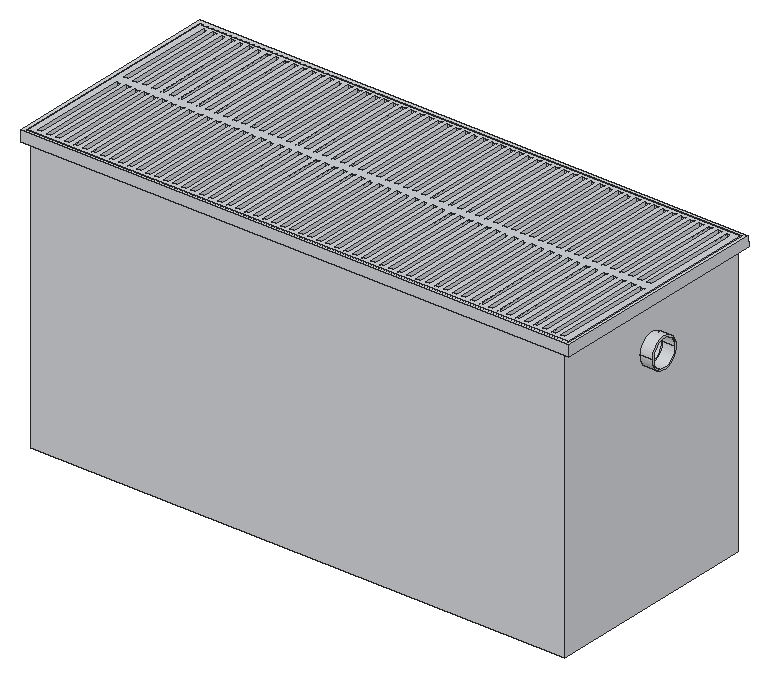
Revit family "Interceptor_Sand-Zurn-Z1187-SI", category Plumbing Fixtures, Revit 2022 (continued)
Definition of nested family "Grate Size_500"
  Forms (in)
    Extrusion 87, void
      sketch origin (-42, 0, 0) x (1, 0, 0) y (0, 1, 0)
        loop
          line (-0.5, 1) -> (0.5, 1) -> (0.5, 23) -> (-0.5, 23) -> (-0.5, 1)
      from 0 to 1.75
    Extrusion 88, void
      sketch origin (-44, 0, 0) x (1, 0, 0) y (0, 1, 0)
        loop
          line (-0.5, 1) -> (0.5, 1) -> (0.5, 23) -> (-0.5, 23) -> (-0.5, 1)
      from 0 to 1.75
    Extrusion 89, void
      sketch origin (-46, 0, 0) x (1, 0, 0) y (0, 1, 0)
        loop
          line (-0.5, 1) -> (0.5, 1) -> (0.5, 23) -> (-0.5, 23) -> (-0.5, 1)
      from 0 to 1.75
    Extrusion 90, void
      sketch origin (-48, 0, 0) x (1, 0, 0) y (0, 1, 0)
        loop
          line (-0.5, 1) -> (0.5, 1) -> (0.5, 23) -> (-0.5, 23) -> (-0.5, 1)
      from 0 to 1.75
    Extrusion 91, void
      sketch origin (-50, 0, 0) x (1, 0, 0) y (0, 1, 0)
        loop
          line (-0.5, 1) -> (0.5, 1) -> (0.5, 23) -> (-0.5, 23) -> (-0.5, 1)
      from 0 to 1.75
    Extrusion 92, void
      sketch origin (-52, 0, 0) x (1, 0, 0) y (0, 1, 0)
        loop
          line (-0.5, 1) -> (0.5, 1) -> (0.5, 23) -> (-0.5, 23) -> (-0.5, 1)
      from 0 to 1.75
    Extrusion 93, void
      sketch origin (-54, 0, 0) x (1, 0, 0) y (0, 1, 0)
        loop
          line (-0.5, 1) -> (0.5, 1) -> (0.5, 23) -> (-0.5, 23) -> (-0.5, 1)
      from 0 to 1.75
    Extrusion 94, void
      sketch origin (-56, 0, 0) x (1, 0, 0) y (0, 1, 0)
        loop
          line (-0.5, 1) -> (0.5, 1) -> (0.5, 23) -> (-0.5, 23) -> (-0.5, 1)
      from 0 to 1.75
    Extrusion 95, void
      sketch origin (-58, 0, 0) x (1, 0, 0) y (0, 1, 0)
        loop
          line (-0.5, 1) -> (0.5, 1) -> (0.5, 23) -> (-0.5, 23) -> (-0.5, 1)
      from 0 to 1.75
    Extrusion 96, void
      sketch origin (36, 0, 0) x (1, 0, 0) y (0, 1, 0)
        loop
          line (-0.5, -1) -> (-0.5, -23) -> (0.5, -23) -> (0.5, -1) -> (-0.5, -1)
      from 0 to 1.75
    Extrusion 97, void
      sketch origin (38, 0, 0) x (1, 0, 0) y (0, 1, 0)
        loop
          line (-0.5, -1) -> (-0.5, -23) -> (0.5, -23) -> (0.5, -1) -> (-0.5, -1)
      from 0 to 1.75
    Extrusion 98, void
      sketch origin (40, 0, 0) x (1, 0, 0) y (0, 1, 0)
        loop
          line (-0.5, -1) -> (-0.5, -23) -> (0.5, -23) -> (0.5, -1) -> (-0.5, -1)
      from 0 to 1.75
    Extrusion 99, void
      sketch origin (42, 0, 0) x (1, 0, 0) y (0, 1, 0)
        loop
          line (-0.5, -1) -> (-0.5, -23) -> (0.5, -23) -> (0.5, -1) -> (-0.5, -1)
      from 0 to 1.75
    Extrusion 100, void
      sketch origin (44, 0, 0) x (1, 0, 0) y (0, 1, 0)
        loop
          line (-0.5, -1) -> (-0.5, -23) -> (0.5, -23) -> (0.5, -1) -> (-0.5, -1)
      from 0 to 1.75
    Extrusion 101, void
      sketch origin (46, 0, 0) x (1, 0, 0) y (0, 1, 0)
        loop
          line (-0.5, -1) -> (-0.5, -23) -> (0.5, -23) -> (0.5, -1) -> (-0.5, -1)
      from 0 to 1.75
    Extrusion 102, void
      sketch origin (48, 0, 0) x (1, 0, 0) y (0, 1, 0)
        loop
          line (-0.5, -1) -> (-0.5, -23) -> (0.5, -23) -> (0.5, -1) -> (-0.5, -1)
      from 0 to 1.75
    Extrusion 103, void
      sketch origin (50, 0, 0) x (1, 0, 0) y (0, 1, 0)
        loop
          line (-0.5, -1) -> (-0.5, -23) -> (0.5, -23) -> (0.5, -1) -> (-0.5, -1)
      from 0 to 1.75
    Extrusion 104, void
      sketch origin (52, 0, 0) x (1, 0, 0) y (0, 1, 0)
        loop
          line (-0.5, -1) -> (-0.5, -23) -> (0.5, -23) -> (0.5, -1) -> (-0.5, -1)
      from 0 to 1.75
    Extrusion 105, void
      sketch origin (54, 0, 0) x (1, 0, 0) y (0, 1, 0)
        loop
          line (-0.5, -1) -> (-0.5, -23) -> (0.5, -23) -> (0.5, -1) -> (-0.5, -1)
      from 0 to 1.75
    Extrusion 106, void
      sketch origin (56, 0, 0) x (1, 0, 0) y (0, 1, 0)
        loop
          line (-0.5, -1) -> (-0.5, -23) -> (0.5, -23) -> (0.5, -1) -> (-0.5, -1)
      from 0 to 1.75
    Extrusion 107, void
      sketch origin (58, 0, 0) x (1, 0, 0) y (0, 1, 0)
        loop
          line (-0.5, -1) -> (-0.5, -23) -> (0.5, -23) -> (0.5, -1) -> (-0.5, -1)
      from 0 to 1.75
    Extrusion 108, void
      sketch origin (36, 0, 0) x (1, 0, 0) y (0, 1, 0)
        loop
          line (-0.5, 1) -> (0.5, 1) -> (0.5, 23) -> (-0.5, 23) -> (-0.5, 1)
      from 0 to 1.75
    Extrusion 109, void
      sketch origin (38, 0, 0) x (1, 0, 0) y (0, 1, 0)
        loop
          line (-0.5, 1) -> (0.5, 1) -> (0.5, 23) -> (-0.5, 23) -> (-0.5, 1)
      from 0 to 1.75
    Extrusion 110, void
      sketch origin (40, 0, 0) x (1, 0, 0) y (0, 1, 0)
        loop
          line (-0.5, 1) -> (0.5, 1) -> (0.5, 23) -> (-0.5, 23) -> (-0.5, 1)
      from 0 to 1.75
    Extrusion 111, void
      sketch origin (42, 0, 0) x (1, 0, 0) y (0, 1, 0)
        loop
          line (-0.5, 1) -> (0.5, 1) -> (0.5, 23) -> (-0.5, 23) -> (-0.5, 1)
      from 0 to 1.75
    Extrusion 112, void
      sketch origin (44, 0, 0) x (1, 0, 0) y (0, 1, 0)
        loop
          line (-0.5, 1) -> (0.5, 1) -> (0.5, 23) -> (-0.5, 23) -> (-0.5, 1)
      from 0 to 1.75
    Extrusion 113, void
      sketch origin (46, 0, 0) x (1, 0, 0) y (0, 1, 0)
        loop
          line (-0.5, 1) -> (0.5, 1) -> (0.5, 23) -> (-0.5, 23) -> (-0.5, 1)
      from 0 to 1.75
    Extrusion 114, void
      sketch origin (48, 0, 0) x (1, 0, 0) y (0, 1, 0)
        loop
          line (-0.5, 1) -> (0.5, 1) -> (0.5, 23) -> (-0.5, 23) -> (-0.5, 1)
      from 0 to 1.75
    Extrusion 115, void
      sketch origin (50, 0, 0) x (1, 0, 0) y (0, 1, 0)
        loop
          line (-0.5, 1) -> (0.5, 1) -> (0.5, 23) -> (-0.5, 23) -> (-0.5, 1)
      from 0 to 1.75
    Extrusion 116, void
      sketch origin (52, 0, 0) x (1, 0, 0) y (0, 1, 0)
        loop
          line (-0.5, 1) -> (0.5, 1) -> (0.5, 23) -> (-0.5, 23) -> (-0.5, 1)
      from 0 to 1.75
    Extrusion 117, void
      sketch origin (54, 0, 0) x (1, 0, 0) y (0, 1, 0)
        loop
          line (-0.5, 1) -> (0.5, 1) -> (0.5, 23) -> (-0.5, 23) -> (-0.5, 1)
      from 0 to 1.75
    Extrusion 118, void
      sketch origin (56, 0, 0) x (1, 0, 0) y (0, 1, 0)
        loop
          line (-0.5, 1) -> (0.5, 1) -> (0.5, 23) -> (-0.5, 23) -> (-0.5, 1)
      from 0 to 1.75
    Extrusion 119, void
      sketch origin (58, 0, 0) x (1, 0, 0) y (0, 1, 0)
        loop
          line (-0.5, 1) -> (0.5, 1) -> (0.5, 23) -> (-0.5, 23) -> (-0.5, 1)
      from 0 to 1.75
  Cuts and joins
    Extrusion 2, Extrusion 3, Extrusion 4, Extrusion 5, Extrusion 6, Extrusion 7, Extrusion 8, Extrusion 9, Extrusion 10, Extrusion 11, Extrusion 12, Extrusion 13, Extrusion 14, Extrusion 15, Extrusion 16, Extrusion 17, Extrusion 18, Extrusion 19, Extrusion 20, Extrusion 21, Extrusion 22, Extrusion 23, Extrusion 24, Extrusion 25, Extrusion 26, Extrusion 27, Extrusion 28, Extrusion 29, Extrusion 30, Extrusion 31, Extrusion 32, Extrusion 33, Extrusion 34, Extrusion 35, Extrusion 36, Extrusion 37, Extrusion 38, Extrusion 39, Extrusion 40, Extrusion 41, Extrusion 42, Extrusion 43, Extrusion 44, Extrusion 45, Extrusion 46, Extrusion 47, Extrusion 48, Extrusion 49, Extrusion 50, Extrusion 51, Extrusion 52, Extrusion 53, Extrusion 54, Extrusion 55, Extrusion 56, Extrusion 57, Extrusion 58, Extrusion 59, Extrusion 60, Extrusion 61, Extrusion 62, Extrusion 63, Extrusion 64, Extrusion 65, Extrusion 66, Extrusion 67, Extrusion 68, Extrusion 69, Extrusion 70, Extrusion 71, Extrusion 72, Extrusion 73, Extrusion 74, Extrusion 75, Extrusion 76, Extrusion 77, Extrusion 78, Extrusion 79, Extrusion 80, Extrusion 81, Extrusion 82, Extrusion 83, Extrusion 84, Extrusion 85, Extrusion 86, Extrusion 87, Extrusion 88, Extrusion 89, Extrusion 90, Extrusion 91, Extrusion 92, Extrusion 93, Extrusion 94, Extrusion 95, Extrusion 96, Extrusion 97, Extrusion 98, Extrusion 99, Extrusion 100, Extrusion 101, Extrusion 102, Extrusion 103, Extrusion 104, Extrusion 105, Extrusion 106, Extrusion 107, Extrusion 108, Extrusion 109, Extrusion 110, Extrusion 111, Extrusion 112, Extrusion 113, Extrusion 114, Extrusion 115, Extrusion 116, Extrusion 117, Extrusion 118, Extrusion 119 cuts Extrusion 1
  Lines and regions (in)
    model lines, detail levels coarse+medium
      curve 1: line (-60, -24, 1.75) -> (60, -24, 1.75)
      curve 2: line (-60, 24, 1.75) -> (60, 24, 1.75)
      curve 3: line (-60, -24, 1.75) -> (-60, 24, 1.75)
      curve 4: line (60, 24, 1.75) -> (60, -24, 1.75)
      curve 5: line (-60, 16, 1.75) -> (60, 16, 1.75)
      curve 6: line (-60, 8, 1.75) -> (60, 8, 1.75)
      curve 7: line (-60, 0, 1.75) -> (60, 0, 1.75)
      curve 8: line (-60, -8, 1.75) -> (60, -8, 1.75)
      curve 9: line (-60, -16, 1.75) -> (60, -16, 1.75)
      curve 10: line (-48, 24, 1.75) -> (-48, -24, 1.75)
      curve 11: line (-36, 24, 1.75) -> (-36, -24, 1.75)
      curve 12: line (-24, 24, 1.75) -> (-24, -24, 1.75)
      curve 13: line (-12, 24, 1.75) -> (-12, -24, 1.75)
      curve 14: line (0, 24, 1.75) -> (0, -24, 1.75)
      curve 15: line (12, 24, 1.75) -> (12, -24, 1.75)
      curve 16: line (24, 24, 1.75) -> (24, -24, 1.75)
      curve 17: line (36, 24, 1.75) -> (36, -24, 1.75)
      curve 18: line (48, 24, 1.75) -> (48, -24, 1.75)
  Dimensions and locks (in)
    plane 6 to level = 1.750"
    equal spacing: plane 7, plane 1 "Center (Front/Back)", plane 8
    plane 7 to plane 1 "Center (Front/Back)" = 24.000"
    "Width": plane 7 to plane 8
    equal spacing: plane 5, plane 3 "Center (Left/Right)", plane 4
    "Length": plane 5 to plane 4
    plane 9 to plane 10 = 1.000"
    locked: plane 11 to level at 1.75
    plane 12 to plane 13 = 22.000"
    plane 12 to plane 1 "Center (Front/Back)" = 1.000"
    plane 13 to plane 7 = 1.000"
    plane 14 to plane 15 = 1.000"
    plane 16 to plane 17 = 22.000"
    plane 18 to plane 19 = 1.000"
    plane 20 to plane 21 = 22.000"
    plane 22 to plane 23 = 1.000"
    plane 24 to plane 25 = 22.000"
    plane 26 to plane 27 = 1.000"
    plane 28 to plane 29 = 22.000"
    plane 30 to plane 31 = 1.000"
    plane 32 to plane 33 = 22.000"
    plane 34 to plane 35 = 1.000"
    plane 36 to plane 37 = 22.000"
    plane 38 to plane 39 = 1.000"
    plane 40 to plane 41 = 22.000"
    plane 42 to plane 43 = 1.000"
    plane 44 to plane 45 = 22.000"
    plane 46 to plane 47 = 1.000"
    plane 48 to plane 49 = 22.000"
    plane 50 to plane 51 = 1.000"
    plane 52 to plane 53 = 22.000"
    plane 54 to plane 55 = 1.000"
    plane 56 to plane 57 = 22.000"
    plane 58 to plane 59 = 1.000"
    plane 60 to plane 61 = 22.000"
    plane 62 to plane 63 = 1.000"
    plane 64 to plane 65 = 22.000"
    plane 66 to plane 67 = 1.000"
    plane 68 to plane 69 = 22.000"
    plane 70 to plane 71 = 1.000"
    plane 72 to plane 73 = 22.000"
    plane 74 to plane 75 = 1.000"
    plane 76 to plane 77 = 22.000"
    plane 78 to plane 79 = 1.000"
    plane 80 to plane 81 = 22.000"
    plane 82 to plane 83 = 1.000"
    plane 84 to plane 85 = 22.000"
    plane 86 to plane 87 = 1.000"
    plane 88 to plane 89 = 22.000"
    plane 90 to plane 91 = 1.000"
    plane 92 to plane 93 = 22.000"
    plane 94 to plane 95 = 1.000"
    plane 96 to plane 97 = 22.000"
    plane 98 to plane 99 = 1.000"
    plane 100 to plane 101 = 22.000"
    plane 102 to plane 103 = 1.000"
    plane 104 to plane 105 = 22.000"
    plane 106 to plane 107 = 1.000"
    plane 109 to plane 108 = 22.000"
    plane 110 to plane 111 = 1.000"
    plane 113 to plane 112 = 22.000"
    plane 114 to plane 115 = 1.000"
    plane 117 to plane 116 = 22.000"
    plane 118 to plane 119 = 1.000"
    plane 121 to plane 120 = 22.000"
    plane 122 to plane 123 = 1.000"
    plane 125 to plane 124 = 22.000"
    plane 126 to plane 127 = 1.000"
    plane 129 to plane 128 = 22.000"
    plane 130 to plane 131 = 1.000"
    plane 133 to plane 132 = 22.000"
    plane 134 to plane 135 = 1.000"
    plane 137 to plane 136 = 22.000"
    plane 138 to plane 139 = 1.000"
    plane 141 to plane 140 = 22.000"
    plane 142 to plane 143 = 1.000"
    plane 145 to plane 144 = 22.000"
    plane 146 to plane 147 = 1.000"
    plane 149 to plane 148 = 22.000"
    plane 150 to plane 151 = 1.000"
    plane 152 to plane 153 = 22.000"
    plane 154 to plane 155 = 1.000"
    plane 156 to plane 157 = 22.000"
    plane 158 to plane 159 = 1.000"
    plane 160 to plane 161 = 22.000"
    plane 162 to plane 163 = 1.000"
    plane 164 to plane 165 = 22.000"
    plane 166 to plane 167 = 1.000"
    plane 168 to plane 169 = 22.000"
    plane 170 to plane 171 = 1.000"
    plane 172 to plane 173 = 22.000"
    plane 174 to plane 175 = 1.000"
    plane 176 to plane 177 = 22.000"
    plane 178 to plane 179 = 1.000"
    plane 180 to plane 181 = 22.000"
    plane 182 to plane 183 = 1.000"
    plane 184 to plane 185 = 22.000"
    plane 186 to plane 187 = 1.000"
    plane 188 to plane 189 = 22.000"
    plane 190 to plane 191 = 1.000"
    plane 192 to plane 193 = 22.000"
    plane 242 to plane 243 = 1.000"
    plane 244 to plane 245 = 22.000"
    equal spacing: group 57, group 58, group 59, group 60, group 61, group 62, group 63  (x3)
    plane 246 to plane 247 = 1.000"
    plane 248 to plane 249 = 22.000"
    plane 250 to plane 251 = 1.000"
    plane 252 to plane 253 = 22.000"
    plane 254 to plane 255 = 1.000"
    plane 256 to plane 257 = 22.000"
    plane 258 to plane 259 = 1.000"
    plane 260 to plane 261 = 22.000"
    plane 262 to plane 263 = 1.000"
    plane 264 to plane 265 = 22.000"
    plane 266 to plane 267 = 1.000"
    plane 268 to plane 269 = 22.000"
    plane 270 to plane 271 = 1.000"
    plane 272 to plane 273 = 22.000"
    plane 274 to plane 275 = 1.000"
    plane 276 to plane 277 = 22.000"
    plane 278 to plane 279 = 1.000"
    plane 280 to plane 281 = 22.000"
    plane 282 to plane 283 = 1.000"
    plane 284 to plane 285 = 22.000"
    plane 286 to plane 287 = 1.000"
    plane 288 to plane 289 = 22.000"
    equal spacing: group 82, group 81, group 80, group 79, group 78, group 77, group 76, group 75, group 74, group 73, group 72, group 71, group 70
    equal spacing: group 70, group 71, group 72, group 73, group 74, group 75, group 76, group 77, group 78, group 79, group 80, group 81, group 82  (x2)
    plane 386 to plane 387 = 1.000"
    plane 388 to plane 389 = 22.000"
    equal spacing: group 63, group 95, group 96, group 97, group 98, group 99, group 100, group 101, group 102, group 103, group 104, group 105, group 106  (x3)
    plane 390 to plane 391 = 1.000"
    plane 392 to plane 393 = 22.000"
    plane 394 to plane 395 = 1.000"
    plane 396 to plane 397 = 22.000"
    plane 398 to plane 399 = 1.000"
    plane 400 to plane 401 = 22.000"
    plane 402 to plane 403 = 1.000"
    plane 404 to plane 405 = 22.000"
    plane 406 to plane 407 = 1.000"
    plane 408 to plane 409 = 22.000"
    plane 410 to plane 411 = 1.000"
    plane 412 to plane 413 = 22.000"
    plane 414 to plane 415 = 1.000"
    plane 416 to plane 417 = 22.000"
    plane 418 to plane 419 = 1.000"
    plane 420 to plane 421 = 22.000"
    plane 422 to plane 423 = 1.000"
    plane 424 to plane 425 = 22.000"
    plane 426 to plane 427 = 1.000"
    plane 428 to plane 429 = 22.000"
    plane 430 to plane 431 = 1.000"
    plane 432 to plane 433 = 22.000"
    plane 434 to plane 435 = 1.000"
    plane 436 to plane 437 = 22.000"
    plane 438 to plane 439 = 1.000"
    plane 440 to plane 441 = 22.000"
    plane 442 to plane 443 = 1.000"
    plane 444 to plane 445 = 22.000"
    plane 446 to plane 447 = 1.000"
    plane 448 to plane 449 = 22.000"
    plane 450 to plane 451 = 1.000"
    plane 452 to plane 453 = 22.000"
    plane 454 to plane 455 = 1.000"
    plane 456 to plane 457 = 22.000"
    plane 458 to plane 459 = 1.000"
    plane 460 to plane 461 = 22.000"
    plane 462 to plane 463 = 1.000"
    plane 464 to plane 465 = 22.000"
    plane 466 to plane 467 = 1.000"
    plane 468 to plane 469 = 22.000"
    plane 470 to plane 471 = 1.000"
    plane 472 to plane 473 = 22.000"
    plane 474 to plane 475 = 1.000"
    plane 476 to plane 477 = 22.000"
    plane 478 to plane 479 = 1.000"
    plane 480 to plane 481 = 22.000"
    equal spacing: plane 482, plane 3 "Center (Left/Right)", plane 483
    "Length": plane 482 to plane 483
    equal spacing: plane 8, curve 5, curve 6, curve 7, curve 8, curve 9, plane 7, locked at 8 each
    equal spacing: plane 482, curve 10, curve 11, curve 12, curve 13, curve 14, curve 15, curve 16, curve 17, curve 18, plane 483, locked at 12 each
    aligned and locked: plane 2 to level
    aligned and locked: Extrusion 1 sketch curve to plane 5
    aligned and locked: Extrusion 1 sketch curve to plane 6
    aligned and locked: plane 4 to Extrusion 1 sketch curve
    aligned and locked: plane 8 to Extrusion 1
    aligned and locked: Extrusion 1 to plane 7
    aligned and locked: plane 13 to Extrusion 2 sketch curve
    aligned and locked: Extrusion 2 sketch curve to plane 12
    aligned and locked: plane 10 to Extrusion 2 sketch curve
    aligned and locked: plane 9 to Extrusion 2 sketch curve
    aligned and locked: plane 17 to Extrusion 3 sketch curve
    aligned and locked: Extrusion 3 sketch curve to plane 16
    aligned and locked: plane 15 to Extrusion 3 sketch curve
    aligned and locked: plane 14 to Extrusion 3 sketch curve
    aligned and locked: plane 21 to Extrusion 4 sketch curve
    aligned and locked: Extrusion 4 sketch curve to plane 20
    aligned and locked: plane 19 to Extrusion 4 sketch curve
    aligned and locked: plane 18 to Extrusion 4 sketch curve
    aligned and locked: plane 25 to Extrusion 5 sketch curve
    aligned and locked: Extrusion 5 sketch curve to plane 24
    aligned and locked: plane 23 to Extrusion 5 sketch curve
    aligned and locked: plane 22 to Extrusion 5 sketch curve
    aligned and locked: plane 29 to Extrusion 6 sketch curve
    aligned and locked: Extrusion 6 sketch curve to plane 28
    aligned and locked: plane 27 to Extrusion 6 sketch curve
    aligned and locked: plane 26 to Extrusion 6 sketch curve
    aligned and locked: plane 33 to Extrusion 7 sketch curve
    aligned and locked: Extrusion 7 sketch curve to plane 32
    aligned and locked: plane 31 to Extrusion 7 sketch curve
    aligned and locked: plane 30 to Extrusion 7 sketch curve
    aligned and locked: plane 37 to Extrusion 8 sketch curve
    aligned and locked: Extrusion 8 sketch curve to plane 36
    aligned and locked: plane 35 to Extrusion 8 sketch curve
    aligned and locked: plane 34 to Extrusion 8 sketch curve
    aligned and locked: plane 41 to Extrusion 9 sketch curve
    aligned and locked: Extrusion 9 sketch curve to plane 40
    aligned and locked: plane 39 to Extrusion 9 sketch curve
    aligned and locked: plane 38 to Extrusion 9 sketch curve
    aligned and locked: plane 45 to Extrusion 10 sketch curve
    aligned and locked: Extrusion 10 sketch curve to plane 44
    aligned and locked: plane 43 to Extrusion 10 sketch curve
    aligned and locked: plane 42 to Extrusion 10 sketch curve
    aligned and locked: plane 49 to Extrusion 11 sketch curve
    aligned and locked: Extrusion 11 sketch curve to plane 48
    aligned and locked: plane 47 to Extrusion 11 sketch curve
    aligned and locked: plane 46 to Extrusion 11 sketch curve
    aligned and locked: plane 53 to Extrusion 12 sketch curve
    aligned and locked: Extrusion 12 sketch curve to plane 52
    aligned and locked: plane 51 to Extrusion 12 sketch curve
    aligned and locked: plane 50 to Extrusion 12 sketch curve
    aligned and locked: plane 57 to Extrusion 13 sketch curve
    aligned and locked: Extrusion 13 sketch curve to plane 56
    aligned and locked: plane 55 to Extrusion 13 sketch curve
    aligned and locked: plane 54 to Extrusion 13 sketch curve
    aligned and locked: plane 61 to Extrusion 14 sketch curve
    aligned and locked: Extrusion 14 sketch curve to plane 60
    aligned and locked: plane 59 to Extrusion 14 sketch curve
    aligned and locked: plane 58 to Extrusion 14 sketch curve
    aligned and locked: plane 65 to Extrusion 15 sketch curve
    aligned and locked: Extrusion 15 sketch curve to plane 64
    aligned and locked: plane 63 to Extrusion 15 sketch curve
    aligned and locked: plane 62 to Extrusion 15 sketch curve
    aligned and locked: plane 69 to Extrusion 16 sketch curve
    aligned and locked: Extrusion 16 sketch curve to plane 68
    aligned and locked: plane 67 to Extrusion 16 sketch curve
    aligned and locked: plane 66 to Extrusion 16 sketch curve
    aligned and locked: plane 73 to Extrusion 17 sketch curve
    aligned and locked: Extrusion 17 sketch curve to plane 72
    aligned and locked: plane 71 to Extrusion 17 sketch curve
    aligned and locked: plane 70 to Extrusion 17 sketch curve
    aligned and locked: plane 77 to Extrusion 18 sketch curve
    aligned and locked: Extrusion 18 sketch curve to plane 76
    aligned and locked: plane 75 to Extrusion 18 sketch curve
    aligned and locked: plane 74 to Extrusion 18 sketch curve
    aligned and locked: plane 81 to Extrusion 19 sketch curve
    aligned and locked: Extrusion 19 sketch curve to plane 80
    aligned and locked: plane 79 to Extrusion 19 sketch curve
    aligned and locked: plane 78 to Extrusion 19 sketch curve
    aligned and locked: plane 85 to Extrusion 20 sketch curve
    aligned and locked: Extrusion 20 sketch curve to plane 84
    aligned and locked: plane 83 to Extrusion 20 sketch curve
    aligned and locked: plane 82 to Extrusion 20 sketch curve
    aligned and locked: plane 89 to Extrusion 21 sketch curve
    aligned and locked: Extrusion 21 sketch curve to plane 88
    aligned and locked: plane 87 to Extrusion 21 sketch curve
    aligned and locked: plane 86 to Extrusion 21 sketch curve
    aligned and locked: plane 93 to Extrusion 22 sketch curve
    aligned and locked: Extrusion 22 sketch curve to plane 92
    aligned and locked: plane 91 to Extrusion 22 sketch curve
    aligned and locked: plane 90 to Extrusion 22 sketch curve
    aligned and locked: plane 97 to Extrusion 23 sketch curve
    aligned and locked: Extrusion 23 sketch curve to plane 96
    aligned and locked: plane 95 to Extrusion 23 sketch curve
    aligned and locked: plane 94 to Extrusion 23 sketch curve
    aligned and locked: plane 101 to Extrusion 24 sketch curve
    aligned and locked: Extrusion 24 sketch curve to plane 100
    aligned and locked: plane 99 to Extrusion 24 sketch curve
    aligned and locked: plane 98 to Extrusion 24 sketch curve
    aligned and locked: Extrusion 25 sketch curve to plane 105
    aligned and locked: plane 104 to Extrusion 25 sketch curve
    aligned and locked: plane 103 to Extrusion 25 sketch curve
    aligned and locked: plane 102 to Extrusion 25 sketch curve
    aligned and locked: Extrusion 26 sketch curve to plane 109
    aligned and locked: plane 108 to Extrusion 26 sketch curve
    aligned and locked: plane 107 to Extrusion 26 sketch curve
    aligned and locked: plane 106 to Extrusion 26 sketch curve
    aligned and locked: Extrusion 27 sketch curve to plane 113
    aligned and locked: plane 112 to Extrusion 27 sketch curve
    aligned and locked: plane 111 to Extrusion 27 sketch curve
    aligned and locked: plane 110 to Extrusion 27 sketch curve
    aligned and locked: Extrusion 28 sketch curve to plane 117
    aligned and locked: plane 116 to Extrusion 28 sketch curve
    aligned and locked: plane 115 to Extrusion 28 sketch curve
    aligned and locked: plane 114 to Extrusion 28 sketch curve
    aligned and locked: Extrusion 29 sketch curve to plane 121
    aligned and locked: plane 120 to Extrusion 29 sketch curve
    aligned and locked: plane 119 to Extrusion 29 sketch curve
    aligned and locked: plane 118 to Extrusion 29 sketch curve
    aligned and locked: Extrusion 30 sketch curve to plane 125
    aligned and locked: plane 124 to Extrusion 30 sketch curve
    aligned and locked: plane 123 to Extrusion 30 sketch curve
    aligned and locked: plane 122 to Extrusion 30 sketch curve
    aligned and locked: Extrusion 31 sketch curve to plane 129
    aligned and locked: plane 128 to Extrusion 31 sketch curve
    aligned and locked: plane 127 to Extrusion 31 sketch curve
    aligned and locked: plane 126 to Extrusion 31 sketch curve
    aligned and locked: Extrusion 32 sketch curve to plane 133
    aligned and locked: plane 132 to Extrusion 32 sketch curve
    aligned and locked: plane 131 to Extrusion 32 sketch curve
    aligned and locked: plane 130 to Extrusion 32 sketch curve
    aligned and locked: Extrusion 33 sketch curve to plane 137
    aligned and locked: plane 136 to Extrusion 33 sketch curve
    aligned and locked: plane 135 to Extrusion 33 sketch curve
    aligned and locked: plane 134 to Extrusion 33 sketch curve
    aligned and locked: Extrusion 34 sketch curve to plane 141
    aligned and locked: plane 140 to Extrusion 34 sketch curve
    aligned and locked: plane 139 to Extrusion 34 sketch curve
    aligned and locked: plane 138 to Extrusion 34 sketch curve
    aligned and locked: Extrusion 35 sketch curve to plane 145
    aligned and locked: plane 144 to Extrusion 35 sketch curve
    aligned and locked: plane 143 to Extrusion 35 sketch curve
    aligned and locked: plane 142 to Extrusion 35 sketch curve
    aligned and locked: Extrusion 36 sketch curve to plane 149
    aligned and locked: plane 148 to Extrusion 36 sketch curve
    aligned and locked: plane 147 to Extrusion 36 sketch curve
    aligned and locked: plane 146 to Extrusion 36 sketch curve
    aligned and locked: Extrusion 37 sketch curve to plane 153
    aligned and locked: plane 152 to Extrusion 37 sketch curve
    aligned and locked: plane 151 to Extrusion 37 sketch curve
    aligned and locked: plane 150 to Extrusion 37 sketch curve
    aligned and locked: Extrusion 38 sketch curve to plane 157
    aligned and locked: plane 156 to Extrusion 38 sketch curve
    aligned and locked: plane 155 to Extrusion 38 sketch curve
    aligned and locked: plane 154 to Extrusion 38 sketch curve
    aligned and locked: Extrusion 39 sketch curve to plane 161
    aligned and locked: plane 160 to Extrusion 39 sketch curve
    aligned and locked: plane 159 to Extrusion 39 sketch curve
    aligned and locked: plane 158 to Extrusion 39 sketch curve
    aligned and locked: Extrusion 40 sketch curve to plane 165
    aligned and locked: plane 164 to Extrusion 40 sketch curve
    aligned and locked: plane 163 to Extrusion 40 sketch curve
    aligned and locked: plane 162 to Extrusion 40 sketch curve
    aligned and locked: Extrusion 41 sketch curve to plane 169
    aligned and locked: plane 168 to Extrusion 41 sketch curve
    aligned and locked: plane 167 to Extrusion 41 sketch curve
    aligned and locked: plane 166 to Extrusion 41 sketch curve
    aligned and locked: Extrusion 42 sketch curve to plane 173
    aligned and locked: plane 172 to Extrusion 42 sketch curve
    aligned and locked: plane 171 to Extrusion 42 sketch curve
    aligned and locked: plane 170 to Extrusion 42 sketch curve
    aligned and locked: Extrusion 43 sketch curve to plane 177
    aligned and locked: plane 176 to Extrusion 43 sketch curve
    aligned and locked: plane 175 to Extrusion 43 sketch curve
    aligned and locked: plane 174 to Extrusion 43 sketch curve
    aligned and locked: Extrusion 44 sketch curve to plane 181
    aligned and locked: plane 180 to Extrusion 44 sketch curve
    aligned and locked: plane 179 to Extrusion 44 sketch curve
    aligned and locked: plane 178 to Extrusion 44 sketch curve
    aligned and locked: Extrusion 45 sketch curve to plane 185
    aligned and locked: plane 184 to Extrusion 45 sketch curve
    aligned and locked: plane 183 to Extrusion 45 sketch curve
    aligned and locked: plane 182 to Extrusion 45 sketch curve
    aligned and locked: Extrusion 46 sketch curve to plane 189
    aligned and locked: plane 188 to Extrusion 46 sketch curve
    aligned and locked: plane 187 to Extrusion 46 sketch curve
    aligned and locked: plane 186 to Extrusion 46 sketch curve
    aligned and locked: Extrusion 47 sketch curve to plane 193
    aligned and locked: plane 192 to Extrusion 47 sketch curve
    aligned and locked: plane 191 to Extrusion 47 sketch curve
    aligned and locked: plane 190 to Extrusion 47 sketch curve
    aligned and locked: plane 197 to Extrusion 48 sketch curve
    aligned and locked: Extrusion 48 sketch curve to plane 196
    aligned and locked: plane 195 to Extrusion 48 sketch curve
    aligned and locked: plane 194 to Extrusion 48 sketch curve
    aligned and locked: plane 201 to Extrusion 49 sketch curve
    aligned and locked: Extrusion 49 sketch curve to plane 200
    aligned and locked: plane 199 to Extrusion 49 sketch curve
    aligned and locked: plane 198 to Extrusion 49 sketch curve
    aligned and locked: plane 205 to Extrusion 50 sketch curve
    aligned and locked: Extrusion 50 sketch curve to plane 204
    aligned and locked: plane 203 to Extrusion 50 sketch curve
    aligned and locked: plane 202 to Extrusion 50 sketch curve
    aligned and locked: plane 209 to Extrusion 51 sketch curve
    aligned and locked: Extrusion 51 sketch curve to plane 208
    aligned and locked: plane 207 to Extrusion 51 sketch curve
    aligned and locked: plane 206 to Extrusion 51 sketch curve
    aligned and locked: plane 213 to Extrusion 52 sketch curve
    aligned and locked: Extrusion 52 sketch curve to plane 212
    aligned and locked: plane 211 to Extrusion 52 sketch curve
    aligned and locked: plane 210 to Extrusion 52 sketch curve
    aligned and locked: plane 217 to Extrusion 53 sketch curve
    aligned and locked: Extrusion 53 sketch curve to plane 216
    aligned and locked: plane 215 to Extrusion 53 sketch curve
    aligned and locked: plane 214 to Extrusion 53 sketch curve
    aligned and locked: Extrusion 54 sketch curve to plane 221
    aligned and locked: plane 220 to Extrusion 54 sketch curve
    aligned and locked: plane 219 to Extrusion 54 sketch curve
    aligned and locked: plane 218 to Extrusion 54 sketch curve
    aligned and locked: Extrusion 55 sketch curve to plane 225
    aligned and locked: plane 224 to Extrusion 55 sketch curve
    aligned and locked: plane 223 to Extrusion 55 sketch curve
    aligned and locked: plane 222 to Extrusion 55 sketch curve
    aligned and locked: Extrusion 56 sketch curve to plane 229
    aligned and locked: plane 228 to Extrusion 56 sketch curve
    aligned and locked: plane 227 to Extrusion 56 sketch curve
    aligned and locked: plane 226 to Extrusion 56 sketch curve
    aligned and locked: Extrusion 57 sketch curve to plane 233
    aligned and locked: plane 232 to Extrusion 57 sketch curve
    aligned and locked: plane 231 to Extrusion 57 sketch curve
    aligned and locked: plane 230 to Extrusion 57 sketch curve
    aligned and locked: Extrusion 58 sketch curve to plane 237
    aligned and locked: plane 236 to Extrusion 58 sketch curve
    aligned and locked: plane 235 to Extrusion 58 sketch curve
    aligned and locked: plane 234 to Extrusion 58 sketch curve
    aligned and locked: Extrusion 59 sketch curve to plane 241
    aligned and locked: plane 240 to Extrusion 59 sketch curve
    aligned and locked: plane 239 to Extrusion 59 sketch curve
    aligned and locked: plane 238 to Extrusion 59 sketch curve
    aligned and locked: plane 245 to Extrusion 60 sketch curve
    aligned and locked: Extrusion 60 sketch curve to plane 244
    aligned and locked: plane 243 to Extrusion 60 sketch curve
    aligned and locked: plane 242 to Extrusion 60 sketch curve
    aligned and locked: plane 249 to Extrusion 61 sketch curve
    aligned and locked: Extrusion 61 sketch curve to plane 248
    aligned and locked: plane 247 to Extrusion 61 sketch curve
    aligned and locked: plane 246 to Extrusion 61 sketch curve
    aligned and locked: plane 253 to Extrusion 62 sketch curve
    aligned and locked: Extrusion 62 sketch curve to plane 252
    aligned and locked: plane 251 to Extrusion 62 sketch curve
    aligned and locked: plane 250 to Extrusion 62 sketch curve
    aligned and locked: plane 257 to Extrusion 63 sketch curve
    aligned and locked: Extrusion 63 sketch curve to plane 256
    aligned and locked: plane 255 to Extrusion 63 sketch curve
    aligned and locked: plane 254 to Extrusion 63 sketch curve
    aligned and locked: plane 261 to Extrusion 64 sketch curve
    aligned and locked: Extrusion 64 sketch curve to plane 260
    aligned and locked: plane 259 to Extrusion 64 sketch curve
    aligned and locked: plane 258 to Extrusion 64 sketch curve
    aligned and locked: plane 265 to Extrusion 65 sketch curve
    aligned and locked: Extrusion 65 sketch curve to plane 264
    aligned and locked: plane 263 to Extrusion 65 sketch curve
    aligned and locked: plane 262 to Extrusion 65 sketch curve
    aligned and locked: Extrusion 66 sketch curve to plane 269
    aligned and locked: plane 268 to Extrusion 66 sketch curve
    aligned and locked: plane 267 to Extrusion 66 sketch curve
    aligned and locked: plane 266 to Extrusion 66 sketch curve
    aligned and locked: Extrusion 67 sketch curve to plane 273
    aligned and locked: plane 272 to Extrusion 67 sketch curve
    aligned and locked: plane 271 to Extrusion 67 sketch curve
    aligned and locked: plane 270 to Extrusion 67 sketch curve
    aligned and locked: Extrusion 68 sketch curve to plane 277
    aligned and locked: plane 276 to Extrusion 68 sketch curve
    aligned and locked: plane 275 to Extrusion 68 sketch curve
    aligned and locked: plane 274 to Extrusion 68 sketch curve
    aligned and locked: Extrusion 69 sketch curve to plane 281
    aligned and locked: plane 280 to Extrusion 69 sketch curve
    aligned and locked: plane 279 to Extrusion 69 sketch curve
    aligned and locked: plane 278 to Extrusion 69 sketch curve
    aligned and locked: Extrusion 70 sketch curve to plane 285
    aligned and locked: plane 284 to Extrusion 70 sketch curve
    aligned and locked: plane 283 to Extrusion 70 sketch curve
    aligned and locked: plane 282 to Extrusion 70 sketch curve
    aligned and locked: Extrusion 71 sketch curve to plane 289
    aligned and locked: plane 288 to Extrusion 71 sketch curve
    aligned and locked: plane 287 to Extrusion 71 sketch curve
    aligned and locked: plane 286 to Extrusion 71 sketch curve
    aligned and locked: plane 293 to Extrusion 72 sketch curve
    aligned and locked: Extrusion 72 sketch curve to plane 292
    aligned and locked: plane 291 to Extrusion 72 sketch curve
    aligned and locked: plane 290 to Extrusion 72 sketch curve
    aligned and locked: plane 297 to Extrusion 73 sketch curve
    aligned and locked: Extrusion 73 sketch curve to plane 296
    aligned and locked: plane 295 to Extrusion 73 sketch curve
    aligned and locked: plane 294 to Extrusion 73 sketch curve
    aligned and locked: plane 301 to Extrusion 74 sketch curve
    aligned and locked: Extrusion 74 sketch curve to plane 300
    aligned and locked: plane 299 to Extrusion 74 sketch curve
    aligned and locked: plane 298 to Extrusion 74 sketch curve
    aligned and locked: plane 305 to Extrusion 75 sketch curve
    aligned and locked: Extrusion 75 sketch curve to plane 304
    aligned and locked: plane 303 to Extrusion 75 sketch curve
    aligned and locked: plane 302 to Extrusion 75 sketch curve
    aligned and locked: plane 309 to Extrusion 76 sketch curve
    aligned and locked: Extrusion 76 sketch curve to plane 308
    aligned and locked: plane 307 to Extrusion 76 sketch curve
    aligned and locked: plane 306 to Extrusion 76 sketch curve
    aligned and locked: plane 313 to Extrusion 77 sketch curve
    aligned and locked: Extrusion 77 sketch curve to plane 312
    aligned and locked: plane 311 to Extrusion 77 sketch curve
    aligned and locked: plane 310 to Extrusion 77 sketch curve
    aligned and locked: plane 317 to Extrusion 78 sketch curve
    aligned and locked: Extrusion 78 sketch curve to plane 316
    aligned and locked: plane 315 to Extrusion 78 sketch curve
    aligned and locked: plane 314 to Extrusion 78 sketch curve
    aligned and locked: plane 321 to Extrusion 79 sketch curve
    aligned and locked: Extrusion 79 sketch curve to plane 320
    aligned and locked: plane 319 to Extrusion 79 sketch curve
    aligned and locked: plane 318 to Extrusion 79 sketch curve
    aligned and locked: plane 325 to Extrusion 80 sketch curve
    aligned and locked: Extrusion 80 sketch curve to plane 324
    aligned and locked: plane 323 to Extrusion 80 sketch curve
    aligned and locked: plane 322 to Extrusion 80 sketch curve
    aligned and locked: plane 329 to Extrusion 81 sketch curve
    aligned and locked: Extrusion 81 sketch curve to plane 328
    aligned and locked: plane 327 to Extrusion 81 sketch curve
    aligned and locked: plane 326 to Extrusion 81 sketch curve
    aligned and locked: plane 333 to Extrusion 82 sketch curve
    aligned and locked: Extrusion 82 sketch curve to plane 332
    aligned and locked: plane 331 to Extrusion 82 sketch curve
    aligned and locked: plane 330 to Extrusion 82 sketch curve
    aligned and locked: plane 337 to Extrusion 83 sketch curve
    aligned and locked: Extrusion 83 sketch curve to plane 336
    aligned and locked: plane 335 to Extrusion 83 sketch curve
    aligned and locked: plane 334 to Extrusion 83 sketch curve
    aligned and locked: Extrusion 84 sketch curve to plane 341
    aligned and locked: plane 340 to Extrusion 84 sketch curve
    aligned and locked: plane 339 to Extrusion 84 sketch curve
    aligned and locked: plane 338 to Extrusion 84 sketch curve
    aligned and locked: Extrusion 85 sketch curve to plane 345
    aligned and locked: plane 344 to Extrusion 85 sketch curve
    aligned and locked: plane 343 to Extrusion 85 sketch curve
    aligned and locked: plane 342 to Extrusion 85 sketch curve
    aligned and locked: Extrusion 86 sketch curve to plane 349
    aligned and locked: plane 348 to Extrusion 86 sketch curve
    aligned and locked: plane 347 to Extrusion 86 sketch curve
    aligned and locked: plane 346 to Extrusion 86 sketch curve
    aligned and locked: Extrusion 87 sketch curve to plane 353
    aligned and locked: plane 352 to Extrusion 87 sketch curve
    aligned and locked: plane 351 to Extrusion 87 sketch curve
    aligned and locked: plane 350 to Extrusion 87 sketch curve
    aligned and locked: Extrusion 88 sketch curve to plane 357
    aligned and locked: plane 356 to Extrusion 88 sketch curve
    aligned and locked: plane 355 to Extrusion 88 sketch curve
    aligned and locked: plane 354 to Extrusion 88 sketch curve
    aligned and locked: Extrusion 89 sketch curve to plane 361
    aligned and locked: plane 360 to Extrusion 89 sketch curve
    aligned and locked: plane 359 to Extrusion 89 sketch curve
    aligned and locked: plane 358 to Extrusion 89 sketch curve
    aligned and locked: Extrusion 90 sketch curve to plane 365
    aligned and locked: plane 364 to Extrusion 90 sketch curve
    aligned and locked: plane 363 to Extrusion 90 sketch curve
    aligned and locked: plane 362 to Extrusion 90 sketch curve
    aligned and locked: Extrusion 91 sketch curve to plane 369
    aligned and locked: plane 368 to Extrusion 91 sketch curve
    aligned and locked: plane 367 to Extrusion 91 sketch curve
    aligned and locked: plane 366 to Extrusion 91 sketch curve
    aligned and locked: Extrusion 92 sketch curve to plane 373
    aligned and locked: plane 372 to Extrusion 92 sketch curve
    aligned and locked: plane 371 to Extrusion 92 sketch curve
    aligned and locked: plane 370 to Extrusion 92 sketch curve
    aligned and locked: Extrusion 93 sketch curve to plane 377
    aligned and locked: plane 376 to Extrusion 93 sketch curve
    aligned and locked: plane 375 to Extrusion 93 sketch curve
    aligned and locked: plane 374 to Extrusion 93 sketch curve
    aligned and locked: Extrusion 94 sketch curve to plane 381
    aligned and locked: plane 380 to Extrusion 94 sketch curve
    aligned and locked: plane 379 to Extrusion 94 sketch curve
    aligned and locked: plane 378 to Extrusion 94 sketch curve
    aligned and locked: Extrusion 95 sketch curve to plane 385
    aligned and locked: plane 384 to Extrusion 95 sketch curve
    aligned and locked: plane 383 to Extrusion 95 sketch curve
    aligned and locked: plane 382 to Extrusion 95 sketch curve
    aligned and locked: plane 389 to Extrusion 96 sketch curve
    aligned and locked: Extrusion 96 sketch curve to plane 388
    aligned and locked: plane 387 to Extrusion 96 sketch curve
    aligned and locked: plane 386 to Extrusion 96 sketch curve
    aligned and locked: plane 393 to Extrusion 97 sketch curve
    aligned and locked: Extrusion 97 sketch curve to plane 392
    aligned and locked: plane 391 to Extrusion 97 sketch curve
    aligned and locked: plane 390 to Extrusion 97 sketch curve
    aligned and locked: plane 397 to Extrusion 98 sketch curve
    aligned and locked: Extrusion 98 sketch curve to plane 396
    aligned and locked: plane 395 to Extrusion 98 sketch curve
    aligned and locked: plane 394 to Extrusion 98 sketch curve
    aligned and locked: plane 401 to Extrusion 99 sketch curve
    aligned and locked: Extrusion 99 sketch curve to plane 400
    aligned and locked: plane 399 to Extrusion 99 sketch curve
    aligned and locked: plane 398 to Extrusion 99 sketch curve
    aligned and locked: plane 405 to Extrusion 100 sketch curve
    aligned and locked: Extrusion 100 sketch curve to plane 404
    aligned and locked: plane 403 to Extrusion 100 sketch curve
    aligned and locked: plane 402 to Extrusion 100 sketch curve
    aligned and locked: plane 409 to Extrusion 101 sketch curve
    aligned and locked: Extrusion 101 sketch curve to plane 408
    aligned and locked: plane 407 to Extrusion 101 sketch curve
    aligned and locked: plane 406 to Extrusion 101 sketch curve
    aligned and locked: plane 413 to Extrusion 102 sketch curve
    aligned and locked: Extrusion 102 sketch curve to plane 412
    aligned and locked: plane 411 to Extrusion 102 sketch curve
    aligned and locked: plane 410 to Extrusion 102 sketch curve
    aligned and locked: plane 417 to Extrusion 103 sketch curve
    aligned and locked: Extrusion 103 sketch curve to plane 416
    aligned and locked: plane 415 to Extrusion 103 sketch curve
    aligned and locked: plane 414 to Extrusion 103 sketch curve
    aligned and locked: plane 421 to Extrusion 104 sketch curve
    aligned and locked: Extrusion 104 sketch curve to plane 420
    aligned and locked: plane 419 to Extrusion 104 sketch curve
    aligned and locked: plane 418 to Extrusion 104 sketch curve
    aligned and locked: plane 425 to Extrusion 105 sketch curve
    aligned and locked: Extrusion 105 sketch curve to plane 424
    aligned and locked: plane 423 to Extrusion 105 sketch curve
    aligned and locked: plane 422 to Extrusion 105 sketch curve
    aligned and locked: plane 429 to Extrusion 106 sketch curve
    aligned and locked: Extrusion 106 sketch curve to plane 428
    aligned and locked: plane 427 to Extrusion 106 sketch curve
    aligned and locked: plane 426 to Extrusion 106 sketch curve
    aligned and locked: plane 433 to Extrusion 107 sketch curve
    aligned and locked: Extrusion 107 sketch curve to plane 432
    aligned and locked: plane 431 to Extrusion 107 sketch curve
    aligned and locked: plane 430 to Extrusion 107 sketch curve
    aligned and locked: Extrusion 108 sketch curve to plane 437
    aligned and locked: plane 436 to Extrusion 108 sketch curve
    aligned and locked: plane 435 to Extrusion 108 sketch curve
    aligned and locked: plane 434 to Extrusion 108 sketch curve
    aligned and locked: Extrusion 109 sketch curve to plane 441
    aligned and locked: plane 440 to Extrusion 109 sketch curve
    aligned and locked: plane 439 to Extrusion 109 sketch curve
    aligned and locked: plane 438 to Extrusion 109 sketch curve
    aligned and locked: Extrusion 110 sketch curve to plane 445
    aligned and locked: plane 444 to Extrusion 110 sketch curve
    aligned and locked: plane 443 to Extrusion 110 sketch curve
    aligned and locked: plane 442 to Extrusion 110 sketch curve
    aligned and locked: Extrusion 111 sketch curve to plane 449
    aligned and locked: plane 448 to Extrusion 111 sketch curve
    aligned and locked: plane 447 to Extrusion 111 sketch curve
    aligned and locked: plane 446 to Extrusion 111 sketch curve
    aligned and locked: Extrusion 112 sketch curve to plane 453
    aligned and locked: plane 452 to Extrusion 112 sketch curve
    aligned and locked: plane 451 to Extrusion 112 sketch curve
    aligned and locked: plane 450 to Extrusion 112 sketch curve
    aligned and locked: Extrusion 113 sketch curve to plane 457
    aligned and locked: plane 456 to Extrusion 113 sketch curve
    aligned and locked: plane 455 to Extrusion 113 sketch curve
    aligned and locked: plane 454 to Extrusion 113 sketch curve
    aligned and locked: Extrusion 114 sketch curve to plane 461
    aligned and locked: plane 460 to Extrusion 114 sketch curve
    aligned and locked: plane 459 to Extrusion 114 sketch curve
    aligned and locked: plane 458 to Extrusion 114 sketch curve
    aligned and locked: Extrusion 115 sketch curve to plane 465
    aligned and locked: plane 464 to Extrusion 115 sketch curve
    aligned and locked: plane 463 to Extrusion 115 sketch curve
    aligned and locked: plane 462 to Extrusion 115 sketch curve
    aligned and locked: Extrusion 116 sketch curve to plane 469
    aligned and locked: plane 468 to Extrusion 116 sketch curve
    aligned and locked: plane 467 to Extrusion 116 sketch curve
    aligned and locked: plane 466 to Extrusion 116 sketch curve
    aligned and locked: Extrusion 117 sketch curve to plane 473
    aligned and locked: plane 472 to Extrusion 117 sketch curve
    aligned and locked: plane 471 to Extrusion 117 sketch curve
    aligned and locked: plane 470 to Extrusion 117 sketch curve
    aligned and locked: Extrusion 118 sketch curve to plane 477
    aligned and locked: plane 476 to Extrusion 118 sketch curve
    aligned and locked: plane 475 to Extrusion 118 sketch curve
    aligned and locked: plane 474 to Extrusion 118 sketch curve
    aligned and locked: Extrusion 119 sketch curve to plane 481
    aligned and locked: plane 480 to Extrusion 119 sketch curve
    aligned and locked: plane 479 to Extrusion 119 sketch curve
    aligned and locked: plane 478 to Extrusion 119 sketch curve
    aligned and locked: plane 483 to curve 2
    aligned and locked: curve 2 to plane 8
    aligned and locked: curve 1 to plane 7
    aligned and locked: plane 482 to curve 3
    aligned and locked: plane 482 to curve 6
    aligned and locked: plane 483 to curve 6
    aligned and locked: plane 8 to curve 10
    aligned and locked: plane 7 to curve 10
  Automatic sketch dimensions
    Extrusion 1 sketch curve to level = 0.000"
Types (6): name | Width | Void Length | Visibility_Size500 | Visibility_Size50 | Visibility_Size250 | Visibility_Size20 | Visibility_Size150 | Side Distance | Pipe Size_A Outer Radius | Pipe Size_A Nominal Radius | Pipe Size_A Inside Radius | No. of Grates | Length L' | Flow G.P.M. (L) | Dimension L | Dimension D | Capacity Gal. (L) | Approx. Weight (Lbs)
  (no name) | 48.000" | 120.250" | yes | no | no | no | no | 1.625" | 3.313" | 3.000" | 3.033" | 20.000" | 121.750" | 500.00 L | 120.000" | 51.000" | 1200.00 L | 2204.00 lbf
  Z1187-SI-20-4 | 24.000" | 24.250" | no | no | no | yes | no | 1.500" | 2.250" | 2.000" | 2.013" | 2.000" | 25.750" | 20.00 L | 24.000" | 26.000" | 60.00 L | 133.00 lbf
  Z1187-SI-150-4 | 48.000" | 48.250" | no | no | no | no | yes | 1.500" | 2.250" | 2.000" | 2.013" | 8.000" | 49.750" | 150.00 L | 48.000" | 38.000" | 360.00 L | 368.00 lbf
  Z1187-SI-50-4 | 24.000" | 48.250" | no | yes | no | no | no | 1.500" | 2.250" | 2.000" | 2.013" | 4.000" | 49.750" | 50.00 L | 48.000" | 26.000" | 120.00 L | 204.00 lbf
  Z1187-SI-250-6 | 48.000" | 72.250" | no | no | yes | no | no | 1.500" | 3.313" | 3.000" | 3.033" | 12.000" | 73.750" | 250.00 L | 72.000" | 39.000" | 540.00 L | 1294.00 lbf
  Z1187-SI-500-6 | 48.000" | 120.250" | yes | no | no | no | no | 1.625" | 3.313" | 3.000" | 3.033" | 20.000" | 121.750" | 500.00 L | 120.000" | 51.000" | 1200.00 L | 2204.00 lbf
